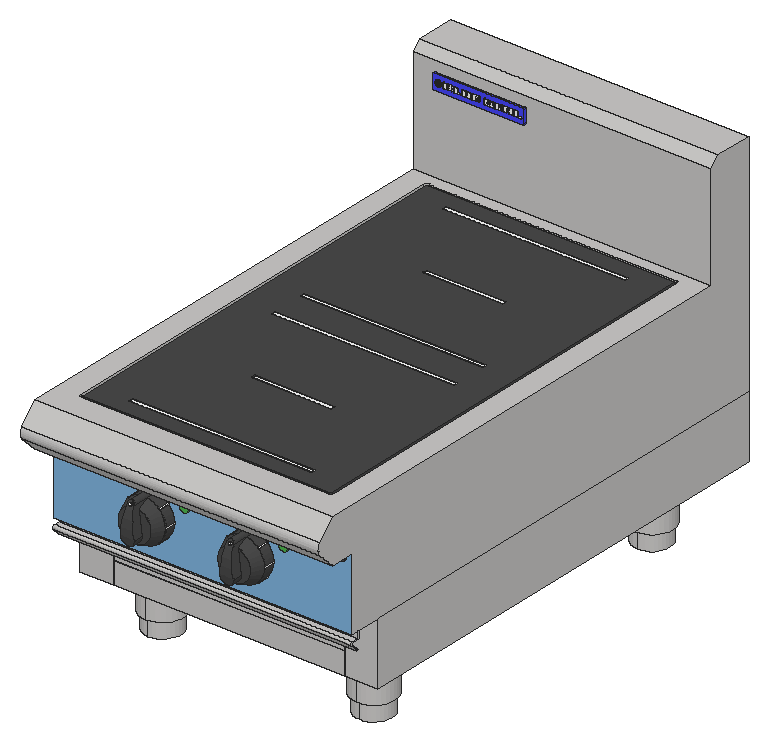
Revit family "QF_Moffat_IN512R5-B_Induction_Cooktop_cat", category Specialty Equipment, Revit 2019
Family settings
  Round Connector Dimension = Use Diameter
  Part Type = Normal
  Work Plane-Based = No
  Always vertical = Yes
  Cut with Voids When Loaded = No
  Shared = No
  Room Calculation Point = No
Parameters (values of type "IN512R5-B")
  Weight in Kilograms = 88
  Watts = 5600 W
  Volts = 400 V
  URL Cutsheet = ""
  Specification by User = ""
  Specification by Manufacturer = ""
  Show Logo [instance] = yes
  Serial Number = ""
  Seismic Rating = ""
  SMACNA No = ""
  Revision Code = ""
  Phase = 3
  Number of Poles = 1
  NAFEM Spec ID Number = ""
  Model = "IN512R5-B"
  Min Ckt Ampacity = 0 A
  Max Overcurrent Protection = 0 A
  Masterspec = ""
  Manufacturer = "Moffat"
  Length = 450 mm
  Item Number = ""
  Installed By = ""
  Identify Quantity as Lot = yes
  Height = 525 mm
  HP = ""
  Furnished By = ""
  Foodservice Equipment Identifier = yes
  FL Amps = 14 A
  Electrical Remarks = ""
  Electric Connection Type = ""
  Elec Conn RI Height = 0 mm
  Elec Conn Connection Height = 0 mm
  Description = "Induction Cooktop"
  Depth = 812.2 mm
  Cycle = 50 Hz
  Conn Plug = ""
  Conn Conduit = yes
  CSI MasterFormat = ""
  Apparent Power = if(Phase = 3, Volts * FL Amps * 1.73, Volts * FL Amps)  # 9688 VA
Reference planes
  plane 1 "BACK": y = 0
  plane 2: z = 0
  plane 3 "LEFT": x = 0
  plane 4 "RIGHT": x = 450
  plane 5 "FRONT": y = -812.2
  plane 6 "TOP": z = 525
  plane 7 "Center Y": x = 225
  plane 8 "Center X": y = -406.1
  plane 9: x = 65.5
  plane 10: x = 384.5
  plane 11: y = -30
  plane 12: x = 320
  plane 13: z = 180
  plane 14: y = -100
  plane 15: y = -625
  plane 16: z = 85
Forms (mm)
  Extrusion 1, solid, material "QF_Metal_Stainless_Polished"
    sketch origin (0, 0, 0) x (0, 1, 0) y (0, 0, 1)
      loop
        line (0, 180) -> (0, 525) -> (-57, 525) -> (-70, 512) -> (-70, 354.5) -> (-784.171, 354.5) -> (-808.685, 329.985)
        arc (-808.685, 329.985) -> (-812.2, 321.5) -> (-808.685, 313.015) r 12
        line (-808.685, 313.015) -> (-785.171, 289.5) -> (-749, 289.5) -> (-749, 180) -> (0, 180)
    from 0 to 450
  Extrusion 2, void
    sketch origin (0, -784.171, 354.5) x (0, 1, 0) y (-1, 0, 0)
      loop
        arc (696.671, -39.5) -> (694.913, -35.257) -> (690.671, -33.5) r 6
        line (690.671, -33.5) -> (44.671, -33.5)
        arc (44.671, -33.5) -> (40.428, -35.257) -> (38.671, -39.5) r 6
        line (38.671, -39.5) -> (38.671, -410.5)
        arc (38.671, -410.5) -> (40.428, -414.743) -> (44.671, -416.5) r 6
        line (44.671, -416.5) -> (690.671, -416.5)
        arc (690.671, -416.5) -> (694.913, -414.743) -> (696.671, -410.5) r 6
        line (696.671, -410.5) -> (696.671, -39.5)
    from 0 to -9.5
  Extrusion 3, solid, material "QF_Plastic_White_Smooth"
    sketch origin (0, -784.171, 345) x (0, 1, 0) y (-1, 0, 0)
      loop
        line (660.921, -362.5) -> (666.921, -362.5) -> (666.921, -87.5) -> (660.921, -87.5) -> (660.921, -362.5)
      loop
        line (532.421, -165) -> (526.421, -165) -> (526.421, -285) -> (532.421, -285) -> (532.421, -165)
      loop
        line (397.921, -87.5) -> (391.921, -87.5) -> (391.921, -362.5) -> (397.921, -362.5) -> (397.921, -87.5)
      loop
        line (337.421, -362.5) -> (343.421, -362.5) -> (343.421, -87.5) -> (337.421, -87.5) -> (337.421, -362.5)
      loop
        line (208.921, -165) -> (202.921, -165) -> (202.921, -285) -> (208.921, -285) -> (208.921, -165)
      loop
        line (74.421, -87.5) -> (68.421, -87.5) -> (68.421, -362.5) -> (74.421, -362.5) -> (74.421, -87.5)
    from 0 to 9.5
  Extrusion 4, solid, material "QF_Plastic_Black_Smooth"
    sketch origin (0, -784.171, 354.5) x (0, 1, 0) y (-1, 0, 0)
      loop
        line (692.671, -410.5) -> (692.671, -39.5)
        arc (692.671, -39.5) -> (692.085, -38.086) -> (690.671, -37.5) r 2
        line (690.671, -37.5) -> (44.671, -37.5)
        arc (44.671, -37.5) -> (43.256, -38.086) -> (42.671, -39.5) r 2
        line (42.671, -39.5) -> (42.671, -410.5)
        arc (42.671, -410.5) -> (43.256, -411.914) -> (44.671, -412.5) r 2
        line (44.671, -412.5) -> (690.671, -412.5)
        arc (690.671, -412.5) -> (692.085, -411.914) -> (692.671, -410.5) r 2
      loop
        line (666.921, -362.5) -> (666.921, -87.5) -> (660.921, -87.5) -> (660.921, -362.5) -> (666.921, -362.5)
      loop
        line (532.421, -285) -> (532.421, -165) -> (526.421, -165) -> (526.421, -285) -> (532.421, -285)
      loop
        line (397.921, -362.5) -> (397.921, -87.5) -> (391.921, -87.5) -> (391.921, -362.5) -> (397.921, -362.5)
      loop
        line (343.421, -87.5) -> (337.421, -87.5) -> (337.421, -362.5) -> (343.421, -362.5) -> (343.421, -87.5)
      loop
        line (208.921, -165) -> (202.921, -165) -> (202.921, -285) -> (208.921, -285) -> (208.921, -165)
      loop
        line (68.421, -362.5) -> (74.421, -362.5) -> (74.421, -87.5) -> (68.421, -87.5) -> (68.421, -362.5)
    from 0 to -9.5
  Extrusion 5, solid, material "QF_Metal_Stainless_Polished"
    sketch origin (0, 0, 40) x (0, 1, 0) y (0, 0, 1)
      loop
        line (-737.8, 140) -> (-737.8, 130) -> (-747.305, 130)
        arc (-747.305, 130) -> (-750.276, 128.015) -> (-749.579, 124.511) r 3.215
        line (-749.579, 124.511) -> (-739.05, 113.982) -> (-737.919, 115.113) -> (-748.447, 125.642)
        arc (-748.447, 125.642) -> (-748.797, 127.403) -> (-747.305, 128.4) r 1.615
        line (-747.305, 128.4) -> (-736.2, 128.4) -> (-736.2, 140) -> (-737.8, 140)
    from 0 to 450
  Extrusion 6, solid, material "QF_Plastic_Black_Smooth"
    sketch origin (0, -749, 181.875) x (0, 0, 1) y (-1, 0, 0)
      loop
        circle (99.343, -13.157) r 5
      loop
        circle (99.343, -436.843) r 5
      loop
        circle (99.343, -150) r 5
      loop
        circle (99.343, -300) r 5
    from 0 to 1.6
  Extrusion 7, solid, material "QF_Metal_Stainless_Polished"
    sketch origin (0, -699, 85) x (0, 1, 0) y (1, 0, 0)
      loop
        circle (669, 320) r 6.35
    from 0 to 1.6
  Extrusion 8, solid, material "QF_Metal_Stainless_Polished"
    sketch origin (0, -699, 85) x (1, 0, 0) y (0, -1, 0)
      loop
        line (0, -699) -> (450, -699) -> (450, 0) -> (399.2, 0) -> (399.2, -25.4) -> (50.8, -25.4) -> (50.8, 0) -> (0, 0) -> (0, -699)
    from 0 to -95
  Extrusion 9, solid, material "QF_Metal_Stainless_Polished"
    sketch origin (50.8, -30, 85) x (0, 1, 0) y (0, 0, 1)
      loop
        line (-669, 0) -> (-643.6, 0) -> (-643.6, 32.7) -> (-669, 32.7) -> (-669, 0)
      loop
        line (-669, 33.7) -> (-643.6, 33.7) -> (-643.6, 66.4) -> (-669, 66.4) -> (-669, 33.7)
      loop
        line (-669, 67.4) -> (-643.6, 67.4) -> (-643.6, 95) -> (-669, 95) -> (-669, 67.4)
    from 0 to 348.4
  Revolve 10, solid, material "QF_Metal_Stainless_Polished"
    sketch origin (65.5, -4572, -304.8) x (0, 0, -1) y (0, -1, 0)
      loop
        line (-304.8, -4499.5) -> (-304.8, -4472) -> (-389.8, -4472) -> (-389.8, -4503.75) -> (-329.8, -4503.75) -> (-329.8, -4499.5) -> (-304.8, -4499.5)
      axis (-389.8, -4472) -> (-304.8, -4472)
    angle from 0 to 360
  Revolve 11, solid, material "QF_Metal_Stainless_Polished"
    sketch origin (65.5, -4572, -304.8) x (0, 0, -1) y (0, -1, 0)
      loop
        line (-304.8, -3974.5) -> (-304.8, -3947) -> (-389.8, -3947) -> (-389.8, -3978.75) -> (-329.8, -3978.75) -> (-329.8, -3974.5) -> (-304.8, -3974.5)
      axis (-389.8, -3947) -> (-304.8, -3947)
    angle from 0 to 360
  Revolve 12, solid, material "QF_Metal_Stainless_Polished"
    sketch origin (384.5, -4572, -304.8) x (0, 0, -1) y (0, 1, 0)
      loop
        line (-304.8, 4499.5) -> (-329.8, 4499.5) -> (-329.8, 4503.75) -> (-389.8, 4503.75) -> (-389.8, 4472) -> (-304.8, 4472) -> (-304.8, 4499.5)
      axis (-389.8, 4472) -> (-304.8, 4472)
    angle from 0 to 360
  Revolve 13, solid, material "QF_Metal_Stainless_Polished"
    sketch origin (384.5, -4572, -304.8) x (0, 0, -1) y (0, 1, 0)
      loop
        line (-304.8, 3974.5) -> (-329.8, 3974.5) -> (-329.8, 3978.75) -> (-389.8, 3978.75) -> (-389.8, 3947) -> (-304.8, 3947) -> (-304.8, 3974.5)
      axis (-389.8, 3947) -> (-304.8, 3947)
    angle from 0 to 360
  Extrusion 14, solid, material "QF_Paint_Green"
    sketch origin (-84.269, -749, 180) x (0, 0, 1) y (-1, 0, 0)
      loop
        circle (84.8, -282.5) r 7.15
    from 0 to 1.6
  Extrusion 15, solid, material "QF_Paint_Green"
    sketch origin (65.731, -749, 180) x (0, 0, 1) y (-1, 0, 0)
      loop
        circle (84.8, -282.5) r 7.15
    from 0 to 1.6
Cuts and joins
  Extrusion 2 cuts Extrusion 1
Lines and regions (mm)
  symbolic lines
    curve 1: line (0, 0, 0) -> (450, 0, 0)
    curve 2: line (0, -812.2, 0) -> (0, 0, 0)
    curve 3: line (450, -812.2, 0) -> (0, -812.2, 0)
    curve 4: line (450, 0, 0) -> (450, -812.2, 0)
    curve 5: line (0, -784.171, 0) -> (450, -784.171, 0)
    curve 6: line (0, -57, 0) -> (450, -57, 0)
    curve 7: line (0, -70, 0) -> (450, -70, 0)
    curve 8: line (39.5, -87.5, 0) -> (410.5, -87.5, 0)
    curve 9: arc (410.5, -87.5, 0) -> (414.743, -89.257, 0) -> (416.5, -93.5, 0) r 6
    curve 10: line (416.5, -93.5, 0) -> (416.5, -739.5, 0)
    curve 11: arc (416.5, -739.5, 0) -> (414.743, -743.743, 0) -> (410.5, -745.5, 0) r 6
    curve 12: line (410.5, -745.5, 0) -> (39.5, -745.5, 0)
    curve 13: arc (39.5, -745.5, 0) -> (35.257, -743.743, 0) -> (33.5, -739.5, 0) r 6
    curve 14: line (33.5, -739.5, 0) -> (33.5, -93.5, 0)
    curve 15: arc (33.5, -93.5, 0) -> (35.257, -89.257, 0) -> (39.5, -87.5, 0) r 6
    curve 16: line (410.5, -91.5, 0) -> (39.5, -91.5, 0)
    curve 17: arc (39.5, -91.5, 0) -> (38.086, -92.086, 0) -> (37.5, -93.5, 0) r 2
    curve 18: line (37.5, -93.5, 0) -> (37.5, -739.5, 0)
    curve 19: arc (37.5, -739.5, 0) -> (38.086, -740.914, 0) -> (39.5, -741.5, 0) r 2
    curve 20: line (39.5, -741.5, 0) -> (410.5, -741.5, 0)
    curve 21: arc (410.5, -741.5, 0) -> (411.914, -740.914, 0) -> (412.5, -739.5, 0) r 2
    curve 22: line (412.5, -739.5, 0) -> (412.5, -93.5, 0)
    curve 23: arc (412.5, -93.5, 0) -> (411.914, -92.086, 0) -> (410.5, -91.5, 0) r 2
    curve 24: line (87.5, -117.25, 0) -> (362.5, -117.25, 0)
    curve 25: line (362.5, -117.25, 0) -> (362.5, -123.25, 0)
    curve 26: line (362.5, -123.25, 0) -> (87.5, -123.25, 0)
    curve 27: line (87.5, -123.25, 0) -> (87.5, -117.25, 0)
    curve 28: line (165, -251.75, 0) -> (285, -251.75, 0)
    curve 29: line (285, -251.75, 0) -> (285, -257.75, 0)
    curve 30: line (285, -257.75, 0) -> (165, -257.75, 0)
    curve 31: line (165, -257.75, 0) -> (165, -251.75, 0)
    curve 32: line (87.5, -386.25, 0) -> (362.5, -386.25, 0)
    curve 33: line (362.5, -386.25, 0) -> (362.5, -392.25, 0)
    curve 34: line (362.5, -392.25, 0) -> (87.5, -392.25, 0)
    curve 35: line (87.5, -392.25, 0) -> (87.5, -386.25, 0)
    curve 36: line (87.5, -440.75, 0) -> (362.5, -440.75, 0)
    curve 37: line (362.5, -440.75, 0) -> (362.5, -446.75, 0)
    curve 38: line (362.5, -446.75, 0) -> (87.5, -446.75, 0)
    curve 39: line (87.5, -446.75, 0) -> (87.5, -440.75, 0)
    curve 40: line (165, -575.25, 0) -> (285, -575.25, 0)
    curve 41: line (285, -575.25, 0) -> (285, -581.25, 0)
    curve 42: line (285, -581.25, 0) -> (165, -581.25, 0)
    curve 43: line (165, -581.25, 0) -> (165, -575.25, 0)
    curve 44: line (87.5, -709.75, 0) -> (362.5, -709.75, 0)
    curve 45: line (362.5, -709.75, 0) -> (362.5, -715.75, 0)
    curve 46: line (362.5, -715.75, 0) -> (87.5, -715.75, 0)
    curve 47: line (87.5, -715.75, 0) -> (87.5, -709.75, 0)
Dimensions and locks
  equal spacing: plane 3 "LEFT", plane 7 "Center Y", plane 4 "RIGHT"
  "Length": plane 3 "LEFT" to plane 4 "RIGHT"
  equal spacing: plane 5 "FRONT", plane 8 "Center X", plane 1 "BACK"
  "Depth": plane 5 "FRONT" to plane 1 "BACK"
  "Height": plane 6 "TOP" to level
  plane 9 to plane 10 = 319 mm
  plane 4 "RIGHT" to plane 3 "LEFT" = 450 mm
  plane 1 "BACK" to cut or joined group of Extrusion 1, Extrusion 2 = 70 mm
  plane 1 "BACK" to plane 5 "FRONT" = 812.2 mm
  plane 6 "TOP" to plane 2 = 525 mm
  cut or joined group of Extrusion 1, Extrusion 2 to plane 2 = 354.5 mm
  locked: plane 12 to plane 4 "RIGHT" at 130
  plane 1 "BACK" to plane 11 = 30 mm
  plane 1 "BACK" to plane 14 to plane 15 = 100 mm, 525 mm
  plane 16 to plane 2 = 85 mm
  aligned and locked: level to plane 2
Automatic sketch dimensions
  plane 1 "BACK" to curve 1 = 0 mm
  curve 1 to plane 3 "LEFT" = 0 mm
  curve 3 to plane 4 "RIGHT" = 0 mm
  plane 5 "FRONT" to curve 3 = 0 mm
  curve 3 to curve 5 = 28.029 mm
  curve 7 to plane 14 = 30 mm
  curve 7 to curve 6 = 13 mm
  Extrusion 1 sketch curve to plane 6 "TOP" = 0 mm
  Extrusion 1 sketch curve to plane 1 "BACK" = 0 mm
  plane 11 to Extrusion 1 sketch curve = 27 mm
  Extrusion 1 sketch curve to plane 6 "TOP" = 13 mm
  Extrusion 1 sketch curve to Extrusion 1 sketch curve = 13 mm
  Extrusion 1 sketch curve to plane 5 "FRONT" = 63.2 mm
  Extrusion 1 sketch curve to plane 5 "FRONT" = 28.029 mm
  Extrusion 1 sketch curve to plane 5 "FRONT" = 27.029 mm
  Extrusion 1 sketch curve to plane 5 "FRONT" = 12 mm
  Extrusion 1 sketch curve to plane 5 "FRONT" = 3.515 mm  (x2)
  Extrusion 1 sketch curve to plane 6 "TOP" = 170.5 mm
  Extrusion 1 sketch curve to Extrusion 1 sketch curve = 24.515 mm
  Extrusion 1 sketch curve to Extrusion 1 sketch curve = 8.485 mm
  Extrusion 1 sketch curve to Extrusion 1 sketch curve = 32 mm
  Extrusion 1 sketch curve to plane 13 = 0 mm
  Extrusion 2 sketch curve to Extrusion 1 = 38.671 mm
  Extrusion 2 sketch curve to Extrusion 2 sketch curve = 6 mm  (x3)
  Extrusion 1 to Extrusion 2 sketch curve = 23.5 mm  (x2)
  Extrusion 1 to Extrusion 2 sketch curve = 33.5 mm
  Extrusion 1 to Extrusion 2 sketch curve = 39.5 mm
  Extrusion 4 sketch curve to Extrusion 1 = 42.671 mm
  Extrusion 4 sketch curve to Extrusion 4 sketch curve = 2 mm  (x3)
  Extrusion 1 to Extrusion 4 sketch curve = 23.5 mm  (x2)
  Extrusion 1 to Extrusion 4 sketch curve = 37.5 mm
  Extrusion 1 to Extrusion 4 sketch curve = 39.5 mm
  Extrusion 5 sketch curve to Extrusion 5 sketch curve = 0 mm  (x2)
  plane 13 to Extrusion 5 sketch curve = 15.489 mm
  Extrusion 5 sketch curve to plane 5 "FRONT" = 62.621 mm
  plane 13 to Extrusion 5 sketch curve = 14.358 mm
  Extrusion 5 sketch curve to Extrusion 5 sketch curve = 1.131 mm
  Extrusion 5 sketch curve to Extrusion 5 sketch curve = 1.142 mm  (x2)
  plane 13 to Extrusion 5 sketch curve = 26.018 mm
  Extrusion 5 sketch curve to Extrusion 5 sketch curve = 10.529 mm
  Extrusion 5 sketch curve to Extrusion 5 sketch curve = 9.505 mm
  Extrusion 5 sketch curve to plane 13 = 0 mm
  Extrusion 5 sketch curve to Extrusion 5 sketch curve = 1.6 mm
  Extrusion 8 to Extrusion 7 sketch curve = 30 mm
  Extrusion 7 sketch curve to Extrusion 8 = 79.2 mm
  plane 1 "BACK" to Extrusion 8 sketch curve = 0 mm
  Extrusion 8 sketch curve to plane 3 "LEFT" = 0 mm
  Extrusion 8 sketch curve to plane 4 "RIGHT" = 0 mm
  plane 9 to Extrusion 8 sketch curve = 14.7 mm
  Extrusion 8 sketch curve to plane 10 = 14.7 mm
  plane 15 to Extrusion 8 sketch curve = 48.6 mm
  Extrusion 8 sketch curve to Extrusion 8 sketch curve = 25.4 mm  (x2)
  Extrusion 9 sketch curve to Extrusion 8 = 0 mm  (x8)
  Extrusion 8 to Extrusion 9 sketch curve = 32.7 mm
  Extrusion 9 sketch curve to Extrusion 9 sketch curve = 1 mm  (x2)
  Extrusion 9 sketch curve to Extrusion 9 sketch curve = 32.7 mm
  Revolve 10 sketch curve to plane 14 = 0 mm  (x2)
  Revolve 10 sketch curve to level = 0 mm  (x2)
  level to Revolve 10 sketch curve = 25 mm
  Revolve 10 sketch curve to Revolve 10 sketch curve = 60 mm
  Revolve 10 sketch curve to plane 14 = 27.5 mm
  Revolve 10 sketch curve to plane 14 = 31.75 mm
  Revolve 10 sketch curve to Revolve 10 sketch curve = 25 mm
  Revolve 11 sketch curve to plane 15 = 0 mm  (x2)
  Revolve 11 sketch curve to level = 0 mm  (x2)
  level to Revolve 11 sketch curve = 25 mm
  Revolve 11 sketch curve to Revolve 11 sketch curve = 60 mm
  Revolve 11 sketch curve to plane 15 = 27.5 mm
  Revolve 11 sketch curve to plane 15 = 31.75 mm
  Revolve 11 sketch curve to Revolve 11 sketch curve = 25 mm
  Revolve 12 sketch curve to plane 14 = 0 mm  (x2)
  Revolve 12 sketch curve to level = 0 mm  (x2)
  level to Revolve 12 sketch curve = 25 mm
  Revolve 12 sketch curve to Revolve 12 sketch curve = 60 mm
  Revolve 12 sketch curve to plane 14 = 27.5 mm
  Revolve 12 sketch curve to Revolve 12 sketch curve = 4.25 mm
  Revolve 12 sketch curve to Revolve 12 sketch curve = 25 mm
  Revolve 13 sketch curve to plane 15 = 0 mm  (x2)
  Revolve 13 sketch curve to level = 0 mm  (x2)
  level to Revolve 13 sketch curve = 25 mm
  Revolve 13 sketch curve to Revolve 13 sketch curve = 60 mm
  Revolve 13 sketch curve to plane 15 = 27.5 mm
  Revolve 13 sketch curve to Revolve 13 sketch curve = 4.25 mm
  Revolve 13 sketch curve to Revolve 13 sketch curve = 25 mm
  Extrusion 1 to Extrusion 14 sketch curve = 24.7 mm
  Extrusion 1 to Extrusion 14 sketch curve = 198.231 mm
  Extrusion 1 to Extrusion 15 sketch curve = 24.7 mm
  Extrusion 1 to Extrusion 15 sketch curve = 101.769 mm
  Extrusion 1 to Extrusion 4 sketch curve = 53.25 mm
  Extrusion 4 sketch curve to Extrusion 4 sketch curve = 6 mm  (x6)
  Extrusion 4 sketch curve to Extrusion 4 sketch curve = 48 mm  (x4)
  Extrusion 4 sketch curve to Extrusion 4 sketch curve = 134.5 mm  (x3)
  Extrusion 4 sketch curve to Extrusion 4 sketch curve = 77.5 mm  (x2)
  Extrusion 4 sketch curve to Extrusion 4 sketch curve = 120 mm  (x2)
  Extrusion 1 to Extrusion 4 sketch curve = 87.5 mm  (x2)
  Extrusion 4 sketch curve to Extrusion 4 sketch curve = 54.5 mm
  Extrusion 4 sketch curve to Extrusion 4 sketch curve = 0 mm  (x2)
  Extrusion 4 sketch curve to Extrusion 4 sketch curve = 23.75 mm
  Extrusion 3 sketch curve to Extrusion 2 = 35.75 mm  (x2)
  Extrusion 3 sketch curve to Extrusion 3 sketch curve = 6 mm  (x6)
  Extrusion 3 sketch curve to Extrusion 2 = 54 mm  (x7)
  Extrusion 3 sketch curve to Extrusion 3 sketch curve = 128.5 mm  (x3)
  Extrusion 3 sketch curve to Extrusion 2 = 131.5 mm  (x2)
  Extrusion 3 sketch curve to Extrusion 3 sketch curve = 120 mm  (x2)
  Extrusion 3 sketch curve to Extrusion 3 sketch curve = 48.5 mm
  Extrusion 3 sketch curve to Extrusion 3 sketch curve = 0 mm
  curve 14 to plane 14 = 6.5 mm
  plane 9 to curve 14 = 32 mm
  curve 14 to curve 15 = 6 mm
  curve 13 to curve 13 = 6 mm
  curve 9 to plane 14 = 6.5 mm
  curve 9 to plane 10 = 26 mm
  curve 12 to curve 10 = 6 mm
  curve 5 to curve 12 = 38.671 mm
  curve 9 to curve 23 = 0 mm  (x2)
  curve 11 to curve 21 = 0 mm  (x2)
  curve 13 to curve 19 = 0 mm  (x2)
  curve 15 to curve 17 = 0 mm
  curve 18 to curve 15 = 2 mm
  curve 27 to plane 9 = 22 mm
  plane 10 to curve 26 = 22 mm
  plane 14 to curve 25 = 23.25 mm
  curve 26 to curve 24 = 6 mm
  curve 30 to plane 7 "Center Y" = 60 mm
  plane 12 to curve 30 = 35 mm
  plane 8 "Center X" to curve 30 = 148.35 mm
  curve 30 to curve 31 = 6 mm
  curve 34 to plane 9 = 22 mm
  plane 10 to curve 33 = 22 mm
  plane 8 "Center X" to curve 34 = 13.85 mm
  curve 34 to curve 35 = 6 mm
  curve 39 to plane 9 = 22 mm
  plane 10 to curve 36 = 22 mm
  curve 39 to plane 8 "Center X" = 40.65 mm
  curve 37 to curve 37 = 6 mm
  curve 40 to plane 7 "Center Y" = 60 mm
  plane 12 to curve 42 = 35 mm
  curve 43 to plane 15 = 43.75 mm
  curve 41 to curve 40 = 6 mm
  curve 47 to plane 9 = 22 mm
  plane 10 to curve 44 = 22 mm
  curve 13 to curve 47 = 23.75 mm
  curve 45 to curve 45 = 6 mm
  Extrusion 1 to Extrusion 6 sketch curve = 8.282 mm  (x4)
  Extrusion 1 to Extrusion 6 sketch curve = 13.157 mm  (x2)
  Extrusion 6 sketch curve to Extrusion 6 sketch curve = 136.843 mm
  Extrusion 1 to Extrusion 6 sketch curve = 150 mm
  radius of Extrusion 7 sketch curve = 6.35 mm
  radius of Extrusion 14 sketch curve = 7.15 mm
  radius of Extrusion 15 sketch curve = 7.15 mm
  radius of Extrusion 6 sketch curve = 5 mm  (x4)
Nested families
  nested 1: "QF_LOGO_BLue Seal" at (32, -70, 474.385), visible <- "Show Logo", type "QF_LOGO_BLue Seal"
  nested 2: "Knob" at (117.5, -739.5, 204.5), type "Knob"
  nested 3: "Knob" at (267.5, -739.5, 204.5), type "Knob"
Connectors
  electrical at (320, -30, 83.4), driven by "Volts", driven by "Watts"
    settings: on Extrusion 7, index 1, voltage 400 V, apparent load 5600 VA, apparent load phase1 0 VA, apparent load phase2 0 VA, apparent load phase3 0 VA, power factor 1, load classification "Other", number of poles 1, system type 30, power factor state 1, is connector primary yes, connector utility no, sub classification motor no, connector description "Electrical Connection"
Definition of nested family "QF_LOGO_BLue Seal"
  Parameters (values of type "QF_LOGO_BLue Seal")
    Weight in Pounds = 0
    URL Cutsheet = ""
    Specification by User = ""
    Specification by Manufacturer = ""
    Serial Number = ""
    Seismic Rating = ""
    SMACNA No = ""
    Revision Code = ""
    NAFEM Spec ID Number = ""
    Masterspec = ""
    Length = 138 mm
    Item Number = ""
    Installed By = ""
    Identify Quantity as Lot = yes
    Height = 23 mm
    Furnished By = ""
    Foodservice Equipment Identifier = yes
    Depth = 3.175 mm
    CSI MasterFormat = ""
  Reference planes
    plane 1 "BACK": y = 0
    plane 2: z = 0
    plane 3 "LEFT": x = 0
    plane 4 "RIGHT": x = 138
    plane 5 "FRONT": y = -3.175
    plane 6 "TOP": z = 23
    plane 7 "Center Y": x = 69
    plane 8 "Center X": y = -1.587
  Forms (mm)
    Extrusion 1, solid
      sketch origin (0, 0, 0) x (1, 0, 0) y (0, 0, 1)
        loop
          arc (2, 23) -> (0.586, 22.414) -> (0, 21) r 2
          line (0, 21) -> (0, 2)
          arc (0, 2) -> (0.586, 0.586) -> (2, 0) r 2
          line (2, 0) -> (136, 0)
          arc (136, 0) -> (137.414, 0.586) -> (138, 2) r 2
          line (138, 2) -> (138, 21)
          arc (138, 21) -> (137.414, 22.414) -> (136, 23) r 2
          line (136, 23) -> (2, 23)
        loop
          arc (16.625, 15.317) -> (15.943, 15.034) -> (15.66, 14.352) r 0.965
          line (15.66, 14.352) -> (15.66, 8.169)
          arc (15.66, 8.169) -> (15.953, 7.461) -> (16.66, 7.169) r 1
          line (16.66, 7.169) -> (27.958, 7.169)
          arc (27.958, 7.169) -> (29.995, 9.206) -> (27.958, 11.243) r 2.037
          arc (27.958, 11.243) -> (29.995, 13.28) -> (27.958, 15.317) r 2.037
          line (27.958, 15.317) -> (16.625, 15.317)
        loop
          line (21.163, 13.835) -> (21.163, 12.291) -> (23.596, 12.291)
          arc (23.596, 12.291) -> (24.368, 13.063) -> (23.596, 13.835) r 0.772
          line (23.596, 13.835) -> (21.163, 13.835)
        loop
          line (21.163, 8.544) -> (23.596, 8.544)
          arc (23.596, 8.544) -> (24.368, 9.316) -> (23.596, 10.089) r 0.772
          line (23.596, 10.089) -> (21.163, 10.089) -> (21.163, 8.544)
        loop
          arc (32.475, 15.317) -> (31.768, 15.024) -> (31.475, 14.317) r 1
          line (31.475, 14.317) -> (31.475, 8.169)
          arc (31.475, 8.169) -> (31.768, 7.461) -> (32.475, 7.169) r 1
          line (32.475, 7.169) -> (41.849, 7.169)
          arc (41.849, 7.169) -> (42.859, 8.178) -> (41.849, 9.188) r 1.01
          line (41.849, 9.188) -> (37.262, 9.188) -> (37.262, 14.317)
          arc (37.262, 14.317) -> (36.969, 15.024) -> (36.262, 15.317) r 1
          line (36.262, 15.317) -> (32.475, 15.317)
        loop
          arc (44.648, 15.317) -> (43.941, 15.024) -> (43.648, 14.317) r 1
          line (43.648, 14.317) -> (43.648, 9.124)
          arc (43.648, 9.124) -> (44.221, 7.741) -> (45.604, 7.169) r 1.956
          line (45.604, 7.169) -> (55.306, 7.169)
          arc (55.306, 7.169) -> (56.749, 7.766) -> (57.347, 9.209) r 2.04
          line (57.347, 9.209) -> (57.347, 14.358)
          arc (57.347, 14.358) -> (57.066, 15.036) -> (56.388, 15.317) r 0.959
          line (56.388, 15.317) -> (52.676, 15.317)
          arc (52.676, 15.317) -> (51.968, 15.024) -> (51.676, 14.317) r 1
          line (51.676, 14.317) -> (51.676, 10.17)
          arc (51.676, 10.17) -> (50.529, 9.024) -> (49.383, 10.17) r 1.146
          line (49.383, 10.17) -> (49.383, 14.317)
          arc (49.383, 14.317) -> (49.09, 15.024) -> (48.383, 15.317) r 1
          line (48.383, 15.317) -> (44.648, 15.317)
        loop
          arc (60.035, 15.317) -> (59.328, 15.024) -> (59.035, 14.317) r 1
          line (59.035, 14.317) -> (59.035, 8.169)
          arc (59.035, 8.169) -> (59.328, 7.461) -> (60.035, 7.169) r 1
          line (60.035, 7.169) -> (69.845, 7.169)
          arc (69.845, 7.169) -> (70.828, 8.152) -> (69.845, 9.135) r 0.983
          line (69.845, 9.135) -> (65.06, 9.135) -> (65.06, 10.415) -> (69.988, 10.415)
          arc (69.988, 10.415) -> (70.828, 11.255) -> (69.988, 12.095) r 0.84
          line (69.988, 12.095) -> (65.06, 12.095) -> (65.06, 13.215) -> (69.777, 13.215)
          arc (69.777, 13.215) -> (70.828, 14.266) -> (69.777, 15.317) r 1.051
          line (69.777, 15.317) -> (60.035, 15.317)
        loop
          line (77.315, 14.317) -> (77.315, 11.634)
          arc (77.315, 11.634) -> (77.608, 10.927) -> (78.315, 10.634) r 1
          line (78.315, 10.634) -> (85.957, 10.634) -> (85.957, 8.756) -> (82.871, 8.756) -> (82.871, 9.708) -> (77.315, 9.708) -> (77.315, 8.169)
          arc (77.315, 8.169) -> (77.608, 7.461) -> (78.315, 7.169) r 1
          line (78.315, 7.169) -> (90.614, 7.169)
          arc (90.614, 7.169) -> (91.321, 7.461) -> (91.614, 8.169) r 1
          line (91.614, 8.169) -> (91.614, 11.073)
          arc (91.614, 11.073) -> (91.322, 11.778) -> (90.617, 12.07) r 0.996
          line (90.617, 12.07) -> (82.871, 12.07) -> (82.871, 13.786) -> (85.957, 13.786) -> (85.957, 12.856) -> (91.614, 12.856) -> (91.614, 14.317)
          arc (91.614, 14.317) -> (91.321, 15.024) -> (90.614, 15.317) r 1
          line (90.614, 15.317) -> (78.315, 15.317)
          arc (78.315, 15.317) -> (77.608, 15.024) -> (77.315, 14.317) r 1
        loop
          arc (107.404, 15.317) -> (106.697, 15.024) -> (106.404, 14.317) r 1
          line (106.404, 14.317) -> (106.404, 8.169)
          arc (106.404, 8.169) -> (106.697, 7.461) -> (107.404, 7.169) r 1
          line (107.404, 7.169) -> (111.34, 7.169)
          arc (111.34, 7.169) -> (112.047, 7.461) -> (112.34, 8.169) r 1
          line (112.34, 8.169) -> (112.34, 9.135) -> (115.1, 9.135) -> (115.1, 8.169)
          arc (115.1, 8.169) -> (115.393, 7.461) -> (116.1, 7.169) r 1
          line (116.1, 7.169) -> (119.975, 7.169)
          arc (119.975, 7.169) -> (120.682, 7.461) -> (120.975, 8.169) r 1
          line (120.975, 8.169) -> (120.975, 14.317)
          arc (120.975, 14.317) -> (120.682, 15.024) -> (119.975, 15.317) r 1
          line (119.975, 15.317) -> (107.404, 15.317)
        loop
          arc (94.016, 15.317) -> (93.309, 15.024) -> (93.016, 14.317) r 1
          line (93.016, 14.317) -> (93.016, 8.169)
          arc (93.016, 8.169) -> (93.309, 7.461) -> (94.016, 7.169) r 1
          line (94.016, 7.169) -> (103.826, 7.169)
          arc (103.826, 7.169) -> (104.809, 8.152) -> (103.826, 9.135) r 0.983
          line (103.826, 9.135) -> (99.041, 9.135) -> (99.041, 10.415) -> (103.969, 10.415)
          arc (103.969, 10.415) -> (104.809, 11.255) -> (103.969, 12.095) r 0.84
          line (103.969, 12.095) -> (99.041, 12.095) -> (99.041, 13.215) -> (103.759, 13.215)
          arc (103.759, 13.215) -> (104.809, 14.266) -> (103.759, 15.317) r 1.051
          line (103.759, 15.317) -> (94.016, 15.317)
        loop
          line (112.34, 11.583) -> (115.1, 11.583) -> (115.1, 12.915)
          arc (115.1, 12.915) -> (114.954, 13.268) -> (114.6, 13.415) r 0.5
          line (114.6, 13.415) -> (112.84, 13.415)
          arc (112.84, 13.415) -> (112.487, 13.268) -> (112.34, 12.915) r 0.5
          line (112.34, 12.915) -> (112.34, 11.583)
        loop
          arc (123.692, 15.317) -> (122.985, 15.024) -> (122.692, 14.317) r 1
          line (122.692, 14.317) -> (122.692, 8.169)
          arc (122.692, 8.169) -> (122.985, 7.461) -> (123.692, 7.169) r 1
          line (123.692, 7.169) -> (133.067, 7.169)
          arc (133.067, 7.169) -> (134.076, 8.178) -> (133.067, 9.188) r 1.01
          line (133.067, 9.188) -> (128.479, 9.188) -> (128.479, 14.317)
          arc (128.479, 14.317) -> (128.186, 15.024) -> (127.479, 15.317) r 1
          line (127.479, 15.317) -> (123.692, 15.317)
        loop
          circle (8.135, 11.2) r 4.581
      from 0 to 3.2
    Extrusion 2, solid
      sketch origin (0, 0, 0) x (1, 0, 0) y (0, 0, 1)
        loop
          circle (8.135, 11.2) r 4.581
        loop
          line (8.289, 15.169) -> (8.289, 7.231)
          arc (8.289, 7.231) -> (12.08, 11.2) -> (8.289, 15.169) r 3.973
        loop
          arc (16.625, 15.317) -> (15.943, 15.034) -> (15.66, 14.352) r 0.965
          line (15.66, 14.352) -> (15.66, 8.169)
          arc (15.66, 8.169) -> (15.953, 7.461) -> (16.66, 7.169) r 1
          line (16.66, 7.169) -> (27.958, 7.169)
          arc (27.958, 7.169) -> (29.995, 9.206) -> (27.958, 11.243) r 2.037
          arc (27.958, 11.243) -> (29.995, 13.28) -> (27.958, 15.317) r 2.037
          line (27.958, 15.317) -> (16.625, 15.317)
        loop
          line (21.163, 12.291) -> (23.596, 12.291)
          arc (23.596, 12.291) -> (24.368, 13.063) -> (23.596, 13.835) r 0.772
          line (23.596, 13.835) -> (21.163, 13.835) -> (21.163, 12.291)
        loop
          line (23.596, 10.089) -> (21.163, 10.089) -> (21.163, 8.544) -> (23.596, 8.544)
          arc (23.596, 8.544) -> (24.368, 9.316) -> (23.596, 10.089) r 0.772
        loop
          arc (37.262, 14.317) -> (36.969, 15.024) -> (36.262, 15.317) r 1
          line (36.262, 15.317) -> (32.475, 15.317)
          arc (32.475, 15.317) -> (31.768, 15.024) -> (31.475, 14.317) r 1
          line (31.475, 14.317) -> (31.475, 8.169)
          arc (31.475, 8.169) -> (31.768, 7.461) -> (32.475, 7.169) r 1
          line (32.475, 7.169) -> (41.849, 7.169)
          arc (41.849, 7.169) -> (42.859, 8.178) -> (41.849, 9.188) r 1.01
          line (41.849, 9.188) -> (37.262, 9.188) -> (37.262, 14.317)
        loop
          arc (43.648, 9.124) -> (44.221, 7.741) -> (45.604, 7.169) r 1.956
          line (45.604, 7.169) -> (55.306, 7.169)
          arc (55.306, 7.169) -> (56.749, 7.766) -> (57.347, 9.209) r 2.04
          line (57.347, 9.209) -> (57.347, 14.358)
          arc (57.347, 14.358) -> (57.066, 15.036) -> (56.388, 15.317) r 0.959
          line (56.388, 15.317) -> (52.676, 15.317)
          arc (52.676, 15.317) -> (51.968, 15.024) -> (51.676, 14.317) r 1
          line (51.676, 14.317) -> (51.676, 10.17)
          arc (51.676, 10.17) -> (50.529, 9.024) -> (49.383, 10.17) r 1.146
          line (49.383, 10.17) -> (49.383, 14.317)
          arc (49.383, 14.317) -> (49.09, 15.024) -> (48.383, 15.317) r 1
          line (48.383, 15.317) -> (44.648, 15.317)
          arc (44.648, 15.317) -> (43.941, 15.024) -> (43.648, 14.317) r 1
          line (43.648, 14.317) -> (43.648, 9.124)
        loop
          arc (69.777, 13.215) -> (70.828, 14.266) -> (69.777, 15.317) r 1.051
          line (69.777, 15.317) -> (60.035, 15.317)
          arc (60.035, 15.317) -> (59.328, 15.024) -> (59.035, 14.317) r 1
          line (59.035, 14.317) -> (59.035, 8.169)
          arc (59.035, 8.169) -> (59.328, 7.461) -> (60.035, 7.169) r 1
          line (60.035, 7.169) -> (69.845, 7.169)
          arc (69.845, 7.169) -> (70.828, 8.152) -> (69.845, 9.135) r 0.983
          line (69.845, 9.135) -> (65.06, 9.135) -> (65.06, 10.415) -> (69.988, 10.415)
          arc (69.988, 10.415) -> (70.828, 11.255) -> (69.988, 12.095) r 0.84
          line (69.988, 12.095) -> (65.06, 12.095) -> (65.06, 13.215) -> (69.777, 13.215)
        loop
          line (82.871, 13.786) -> (85.957, 13.786) -> (85.957, 12.856) -> (91.614, 12.856) -> (91.614, 14.317)
          arc (91.614, 14.317) -> (91.321, 15.024) -> (90.614, 15.317) r 1
          line (90.614, 15.317) -> (78.315, 15.317)
          arc (78.315, 15.317) -> (77.608, 15.024) -> (77.315, 14.317) r 1
          line (77.315, 14.317) -> (77.315, 11.634)
          arc (77.315, 11.634) -> (77.608, 10.927) -> (78.315, 10.634) r 1
          line (78.315, 10.634) -> (85.957, 10.634) -> (85.957, 8.756) -> (82.871, 8.756) -> (82.871, 9.708) -> (77.315, 9.708) -> (77.315, 8.169)
          arc (77.315, 8.169) -> (77.608, 7.461) -> (78.315, 7.169) r 1
          line (78.315, 7.169) -> (90.614, 7.169)
          arc (90.614, 7.169) -> (91.321, 7.461) -> (91.614, 8.169) r 1
          line (91.614, 8.169) -> (91.614, 11.073)
          arc (91.614, 11.073) -> (91.322, 11.778) -> (90.617, 12.07) r 0.996
          line (90.617, 12.07) -> (82.871, 12.07) -> (82.871, 13.786)
        loop
          arc (103.759, 13.215) -> (104.809, 14.266) -> (103.759, 15.317) r 1.051
          line (103.759, 15.317) -> (94.016, 15.317)
          arc (94.016, 15.317) -> (93.309, 15.024) -> (93.016, 14.317) r 1
          line (93.016, 14.317) -> (93.016, 8.169)
          arc (93.016, 8.169) -> (93.309, 7.461) -> (94.016, 7.169) r 1
          line (94.016, 7.169) -> (103.826, 7.169)
          arc (103.826, 7.169) -> (104.809, 8.152) -> (103.826, 9.135) r 0.983
          line (103.826, 9.135) -> (99.041, 9.135) -> (99.041, 10.415) -> (103.969, 10.415)
          arc (103.969, 10.415) -> (104.809, 11.255) -> (103.969, 12.095) r 0.84
          line (103.969, 12.095) -> (99.041, 12.095) -> (99.041, 13.215) -> (103.759, 13.215)
        loop
          line (112.34, 12.915) -> (112.34, 11.583) -> (115.1, 11.583) -> (115.1, 12.915)
          arc (115.1, 12.915) -> (114.954, 13.268) -> (114.6, 13.415) r 0.5
          line (114.6, 13.415) -> (112.84, 13.415)
          arc (112.84, 13.415) -> (112.487, 13.268) -> (112.34, 12.915) r 0.5
        loop
          arc (119.975, 7.169) -> (120.682, 7.461) -> (120.975, 8.169) r 1
          line (120.975, 8.169) -> (120.975, 14.317)
          arc (120.975, 14.317) -> (120.682, 15.024) -> (119.975, 15.317) r 1
          line (119.975, 15.317) -> (107.404, 15.317)
          arc (107.404, 15.317) -> (106.697, 15.024) -> (106.404, 14.317) r 1
          line (106.404, 14.317) -> (106.404, 8.169)
          arc (106.404, 8.169) -> (106.697, 7.461) -> (107.404, 7.169) r 1
          line (107.404, 7.169) -> (111.34, 7.169)
          arc (111.34, 7.169) -> (112.047, 7.461) -> (112.34, 8.169) r 1
          line (112.34, 8.169) -> (112.34, 9.135) -> (115.1, 9.135) -> (115.1, 8.169)
          arc (115.1, 8.169) -> (115.393, 7.461) -> (116.1, 7.169) r 1
          line (116.1, 7.169) -> (119.975, 7.169)
        loop
          arc (122.692, 8.169) -> (122.985, 7.461) -> (123.692, 7.169) r 1
          line (123.692, 7.169) -> (133.067, 7.169)
          arc (133.067, 7.169) -> (134.076, 8.178) -> (133.067, 9.188) r 1.01
          line (133.067, 9.188) -> (128.479, 9.188) -> (128.479, 14.317)
          arc (128.479, 14.317) -> (128.186, 15.024) -> (127.479, 15.317) r 1
          line (127.479, 15.317) -> (123.692, 15.317)
          arc (123.692, 15.317) -> (122.985, 15.024) -> (122.692, 14.317) r 1
          line (122.692, 14.317) -> (122.692, 8.169)
        loop
          line (8.019, 7.227) -> (8.019, 15.172)
          arc (8.019, 15.172) -> (4.133, 11.2) -> (8.019, 7.227) r 3.973
      from 0 to 3.2
    Extrusion 3, solid
      sketch origin (0, 0, 0) x (1, 0, 0) y (0, 0, 1)
        loop
          line (8.289, 15.169) -> (8.289, 7.231)
          arc (8.289, 7.231) -> (12.08, 11.2) -> (8.289, 15.169) r 3.973
      from 0 to 3.2
    Extrusion 4, solid
      sketch origin (16.271, 0, 0) x (-1, 0, 0) y (0, 0, -1)
        loop
          arc (8.252, -15.172) -> (12.138, -11.2) -> (8.252, -7.227) r 3.973
          line (8.252, -7.227) -> (8.252, -15.172)
      from 0 to 3.2
  Dimensions and locks
    equal spacing: plane 3 "LEFT", plane 7 "Center Y", plane 4 "RIGHT"
    "Length": plane 3 "LEFT" to plane 4 "RIGHT"
    equal spacing: plane 5 "FRONT", plane 8 "Center X", plane 1 "BACK"
    "Depth": plane 5 "FRONT" to plane 1 "BACK"
    "Height": plane 6 "TOP" to level
    plane 4 "RIGHT" to plane 3 "LEFT" = 138 mm
    aligned and locked: level to plane 2
  Automatic sketch dimensions
    Extrusion 1 sketch curve to Extrusion 1 sketch curve = 0 mm  (x12)
    Extrusion 1 sketch curve to plane 3 "LEFT" = 0 mm
    Extrusion 1 sketch curve to level = 0 mm
    Extrusion 1 sketch curve to plane 6 "TOP" = 0 mm
    plane 4 "RIGHT" to Extrusion 1 sketch curve = 0 mm
    plane 3 "LEFT" to Extrusion 1 sketch curve = 2 mm
    Extrusion 1 sketch curve to Extrusion 1 sketch curve = 2 mm
    plane 3 "LEFT" to Extrusion 1 sketch curve = 8.135 mm
    Extrusion 1 sketch curve to Extrusion 1 sketch curve = 7.524 mm
    Extrusion 1 sketch curve to Extrusion 1 sketch curve = 0.965 mm
    Extrusion 1 sketch curve to Extrusion 1 sketch curve = 1 mm  (x22)
    Extrusion 1 sketch curve to Extrusion 1 sketch curve = 4.503 mm
    Extrusion 1 sketch curve to Extrusion 1 sketch curve = 2.434 mm  (x2)
    Extrusion 1 sketch curve to Extrusion 1 sketch curve = 4.362 mm
    Extrusion 1 sketch curve to Extrusion 1 sketch curve = 3.517 mm
    Extrusion 1 sketch curve to Extrusion 1 sketch curve = 3.787 mm  (x2)
    Extrusion 1 sketch curve to Extrusion 1 sketch curve = 4.787 mm
    Extrusion 1 sketch curve to Extrusion 1 sketch curve = 4.588 mm
    Extrusion 1 sketch curve to Extrusion 1 sketch curve = 1.798 mm
    Extrusion 1 sketch curve to Extrusion 1 sketch curve = 1.956 mm  (x2)
    Extrusion 1 sketch curve to Extrusion 1 sketch curve = 3.735 mm
    Extrusion 1 sketch curve to Extrusion 1 sketch curve = 3.779 mm
    Extrusion 1 sketch curve to Extrusion 1 sketch curve = 1.146 mm
    Extrusion 1 sketch curve to Extrusion 1 sketch curve = 3.631 mm
    Extrusion 1 sketch curve to Extrusion 1 sketch curve = 3.713 mm
    Extrusion 1 sketch curve to Extrusion 1 sketch curve = 0.959 mm
    Extrusion 1 sketch curve to Extrusion 1 sketch curve = 1.688 mm
    Extrusion 1 sketch curve to plane 7 "Center Y" = 3.94 mm
    plane 7 "Center Y" to Extrusion 1 sketch curve = 0.777 mm
    plane 7 "Center Y" to Extrusion 1 sketch curve = 0.845 mm
    plane 7 "Center Y" to Extrusion 1 sketch curve = 0.988 mm
    Extrusion 1 sketch curve to Extrusion 1 sketch curve = 7.327 mm
    Extrusion 1 sketch curve to Extrusion 1 sketch curve = 4.556 mm
    Extrusion 1 sketch curve to Extrusion 1 sketch curve = 3.087 mm
    Extrusion 1 sketch curve to Extrusion 1 sketch curve = 4.657 mm  (x2)
    Extrusion 1 sketch curve to Extrusion 1 sketch curve = 0.004 mm
    Extrusion 1 sketch curve to Extrusion 1 sketch curve = 0.996 mm  (x2)
    Extrusion 1 sketch curve to Extrusion 1 sketch curve = 1.402 mm
    Extrusion 1 sketch curve to Extrusion 1 sketch curve = 5.025 mm
    Extrusion 1 sketch curve to Extrusion 1 sketch curve = 4.717 mm
    Extrusion 1 sketch curve to Extrusion 1 sketch curve = 4.785 mm
    Extrusion 1 sketch curve to Extrusion 1 sketch curve = 0.211 mm
    Extrusion 1 sketch curve to Extrusion 1 sketch curve = 2.645 mm
    Extrusion 1 sketch curve to Extrusion 1 sketch curve = 3.936 mm
    Extrusion 1 sketch curve to Extrusion 1 sketch curve = 0.5 mm  (x2)
    Extrusion 1 sketch curve to Extrusion 1 sketch curve = 1.76 mm
    Extrusion 1 sketch curve to Extrusion 1 sketch curve = 2.76 mm
    Extrusion 1 sketch curve to Extrusion 1 sketch curve = 4.875 mm
    Extrusion 1 sketch curve to Extrusion 1 sketch curve = 3.875 mm
    Extrusion 1 sketch curve to Extrusion 1 sketch curve = 1.717 mm
    plane 4 "RIGHT" to Extrusion 1 sketch curve = 4.933 mm
    plane 4 "RIGHT" to Extrusion 1 sketch curve = 2 mm  (x2)
    level to Extrusion 1 sketch curve = 7.169 mm  (x5)
    Extrusion 1 sketch curve to Extrusion 1 sketch curve = 5.169 mm
    Extrusion 1 sketch curve to Extrusion 1 sketch curve = 0.983 mm  (x2)
    Extrusion 1 sketch curve to Extrusion 1 sketch curve = 1.01 mm  (x2)
    Extrusion 1 sketch curve to Extrusion 1 sketch curve = 0.376 mm
    Extrusion 1 sketch curve to Extrusion 1 sketch curve = 0.588 mm
    Extrusion 1 sketch curve to Extrusion 1 sketch curve = 0.966 mm
    Extrusion 1 sketch curve to Extrusion 1 sketch curve = 2.037 mm  (x2)
    Extrusion 1 sketch curve to Extrusion 1 sketch curve = 0.772 mm  (x2)
    Extrusion 1 sketch curve to Extrusion 1 sketch curve = 0.952 mm
    Extrusion 1 sketch curve to Extrusion 1 sketch curve = 1.046 mm
    Extrusion 1 sketch curve to Extrusion 1 sketch curve = 1.28 mm  (x2)
    Extrusion 1 sketch curve to Extrusion 1 sketch curve = 1.878 mm
    Extrusion 1 sketch curve to Extrusion 1 sketch curve = 2.905 mm
    Extrusion 1 sketch curve to Extrusion 1 sketch curve = 3.031 mm
    Extrusion 1 sketch curve to Extrusion 1 sketch curve = 0.84 mm  (x2)
    Extrusion 1 sketch curve to Extrusion 1 sketch curve = 2.448 mm
    Extrusion 1 sketch curve to Extrusion 1 sketch curve = 2.202 mm
    Extrusion 1 sketch curve to Extrusion 1 sketch curve = 0.786 mm
    Extrusion 1 sketch curve to Extrusion 1 sketch curve = 1.332 mm
    Extrusion 1 sketch curve to Extrusion 1 sketch curve = 1.12 mm  (x2)
    Extrusion 1 sketch curve to Extrusion 1 sketch curve = 1.716 mm
    Extrusion 1 sketch curve to Extrusion 1 sketch curve = 1.051 mm  (x2)
    Extrusion 1 sketch curve to Extrusion 1 sketch curve = 4.147 mm
    Extrusion 1 sketch curve to Extrusion 1 sketch curve = 5.129 mm
    Extrusion 1 sketch curve to Extrusion 1 sketch curve = 0.051 mm
    Extrusion 1 sketch curve to Extrusion 1 sketch curve = 1.037 mm
    Extrusion 1 sketch curve to Extrusion 1 sketch curve = 0.516 mm
    plane 3 "LEFT" to Extrusion 1 sketch curve = 3.555 mm
    Extrusion 2 sketch curve to Extrusion 2 sketch curve = 0 mm  (x16)
    plane 3 "LEFT" to Extrusion 2 sketch curve = 8.019 mm
    Extrusion 2 sketch curve to Extrusion 2 sketch curve = 0.088 mm
    Extrusion 2 sketch curve to Extrusion 2 sketch curve = 0.029 mm
    Extrusion 2 sketch curve to Extrusion 2 sketch curve = 0.27 mm
    Extrusion 2 sketch curve to Extrusion 2 sketch curve = 7.371 mm
    Extrusion 2 sketch curve to Extrusion 2 sketch curve = 0.965 mm
    Extrusion 2 sketch curve to Extrusion 2 sketch curve = 1 mm  (x24)
    Extrusion 2 sketch curve to Extrusion 2 sketch curve = 4.503 mm
    Extrusion 2 sketch curve to Extrusion 2 sketch curve = 2.434 mm
    Extrusion 2 sketch curve to Extrusion 2 sketch curve = 4.362 mm
    Extrusion 2 sketch curve to Extrusion 2 sketch curve = 3.517 mm
    Extrusion 2 sketch curve to Extrusion 2 sketch curve = 3.787 mm  (x2)
    Extrusion 2 sketch curve to Extrusion 2 sketch curve = 4.787 mm  (x2)
    Extrusion 2 sketch curve to Extrusion 2 sketch curve = 4.588 mm  (x2)
    Extrusion 2 sketch curve to Extrusion 2 sketch curve = 1.798 mm
    Extrusion 2 sketch curve to Extrusion 2 sketch curve = 1.956 mm
    Extrusion 2 sketch curve to Extrusion 2 sketch curve = 3.735 mm
    Extrusion 2 sketch curve to Extrusion 2 sketch curve = 1.146 mm
    Extrusion 2 sketch curve to Extrusion 2 sketch curve = 3.631 mm
    Extrusion 2 sketch curve to Extrusion 2 sketch curve = 3.713 mm
    Extrusion 2 sketch curve to Extrusion 2 sketch curve = 0.959 mm
    Extrusion 2 sketch curve to Extrusion 2 sketch curve = 1.688 mm
    Extrusion 2 sketch curve to plane 7 "Center Y" = 3.94 mm
    plane 7 "Center Y" to Extrusion 2 sketch curve = 0.777 mm
    plane 7 "Center Y" to Extrusion 2 sketch curve = 0.845 mm
    plane 7 "Center Y" to Extrusion 2 sketch curve = 0.988 mm
    Extrusion 2 sketch curve to Extrusion 2 sketch curve = 7.327 mm
    Extrusion 2 sketch curve to Extrusion 2 sketch curve = 4.556 mm
    Extrusion 2 sketch curve to Extrusion 2 sketch curve = 3.087 mm
    Extrusion 2 sketch curve to Extrusion 2 sketch curve = 4.657 mm  (x2)
    Extrusion 2 sketch curve to Extrusion 2 sketch curve = 0.004 mm
    Extrusion 2 sketch curve to Extrusion 2 sketch curve = 0.996 mm
    Extrusion 2 sketch curve to Extrusion 2 sketch curve = 1.402 mm
    Extrusion 2 sketch curve to Extrusion 2 sketch curve = 5.025 mm
    Extrusion 2 sketch curve to Extrusion 2 sketch curve = 4.717 mm
    Extrusion 2 sketch curve to Extrusion 2 sketch curve = 4.785 mm
    Extrusion 2 sketch curve to Extrusion 2 sketch curve = 0.211 mm
    Extrusion 2 sketch curve to Extrusion 2 sketch curve = 2.578 mm
    Extrusion 2 sketch curve to Extrusion 2 sketch curve = 3.936 mm
    Extrusion 2 sketch curve to Extrusion 2 sketch curve = 0.5 mm  (x2)
    Extrusion 2 sketch curve to Extrusion 2 sketch curve = 1.76 mm
    Extrusion 2 sketch curve to Extrusion 2 sketch curve = 2.76 mm
    Extrusion 2 sketch curve to Extrusion 2 sketch curve = 3.875 mm
    Extrusion 2 sketch curve to Extrusion 2 sketch curve = 4.875 mm
    Extrusion 2 sketch curve to Extrusion 2 sketch curve = 1.717 mm
    level to Extrusion 2 sketch curve = 7.169 mm  (x6)
    level to Extrusion 2 sketch curve = 7.227 mm
    Extrusion 2 sketch curve to Extrusion 2 sketch curve = 0.003 mm
    Extrusion 2 sketch curve to Extrusion 2 sketch curve = 0.983 mm  (x2)
    Extrusion 2 sketch curve to Extrusion 2 sketch curve = 1.01 mm  (x2)
    Extrusion 2 sketch curve to Extrusion 2 sketch curve = 1.376 mm
    Extrusion 2 sketch curve to Extrusion 2 sketch curve = 0.588 mm
    Extrusion 2 sketch curve to Extrusion 2 sketch curve = 0.966 mm
    Extrusion 2 sketch curve to Extrusion 2 sketch curve = 2.037 mm  (x2)
    Extrusion 2 sketch curve to Extrusion 2 sketch curve = 0.772 mm  (x2)
    Extrusion 2 sketch curve to Extrusion 2 sketch curve = 1.539 mm
    Extrusion 2 sketch curve to Extrusion 2 sketch curve = 0.961 mm
    Extrusion 2 sketch curve to Extrusion 2 sketch curve = 1.28 mm  (x2)
    Extrusion 2 sketch curve to Extrusion 2 sketch curve = 1.878 mm
    Extrusion 2 sketch curve to Extrusion 2 sketch curve = 2.905 mm
    Extrusion 2 sketch curve to Extrusion 2 sketch curve = 3.969 mm
    Extrusion 2 sketch curve to Extrusion 2 sketch curve = 0.84 mm  (x2)
    Extrusion 2 sketch curve to Extrusion 2 sketch curve = 2.448 mm
    Extrusion 2 sketch curve to Extrusion 2 sketch curve = 2.202 mm
    Extrusion 2 sketch curve to Extrusion 2 sketch curve = 2.222 mm
    Extrusion 2 sketch curve to Extrusion 2 sketch curve = 1.332 mm
    Extrusion 2 sketch curve to Extrusion 2 sketch curve = 1.12 mm  (x2)
    Extrusion 2 sketch curve to Extrusion 2 sketch curve = 0.929 mm
    Extrusion 2 sketch curve to Extrusion 2 sketch curve = 1.051 mm  (x2)
    Extrusion 2 sketch curve to Extrusion 2 sketch curve = 5.129 mm  (x2)
    Extrusion 2 sketch curve to Extrusion 2 sketch curve = 4.147 mm
    Extrusion 2 sketch curve to Extrusion 2 sketch curve = 0.516 mm
    plane 3 "LEFT" to Extrusion 2 sketch curve = 3.555 mm
    plane 3 "LEFT" to Extrusion 3 sketch curve = 8.107 mm
    Extrusion 3 sketch curve to Extrusion 3 sketch curve = 0.182 mm
    level to Extrusion 3 sketch curve = 7.231 mm
    Extrusion 3 sketch curve to Extrusion 3 sketch curve = 3.969 mm
    Extrusion 4 sketch curve to plane 3 "LEFT" = 8.107 mm
    Extrusion 4 sketch curve to Extrusion 4 sketch curve = 0.088 mm
    Extrusion 4 sketch curve to level = 7.227 mm
    Extrusion 4 sketch curve to Extrusion 4 sketch curve = 3.972 mm
Definition of nested family "Knob"
  Parameters (values of type "Knob")
    Weight in Pounds = 0
    URL Cutsheet = ""
    Specification by User = ""
    Specification by Manufacturer = ""
    Serial Number = ""
    Seismic Rating = ""
    SMACNA No = ""
    Revision Code = ""
    NAFEM Spec ID Number = ""
    Masterspec = ""
    Length = 65 mm
    Item Number = ""
    Installed By = ""
    Identify Quantity as Lot = yes
    Height = 69.5 mm
    Furnished By = ""
    Foodservice Equipment Identifier = yes
    Depth = 59 mm
    CSI MasterFormat = ""
  Reference planes
    plane 1 "BACK": y = 0
    plane 2: z = 0
    plane 3 "LEFT": x = 0
    plane 4 "RIGHT": x = 65
    plane 5 "FRONT": y = -59
    plane 6 "TOP": z = 69.5
    plane 7 "Center Y": x = 32.5
    plane 8 "Center X": y = -29.5
  Forms (mm)
    Revolve 1, solid
      sketch origin (32.5, 175.397, 1219.2) x (0, 1, 0) y (0, 0, 1)
        loop
          line (-175.397, -1186.7) -> (-219.397, -1186.7) -> (-219.397, -1211.501) -> (-202.106, -1219.2) -> (-185.397, -1219.2) -> (-185.397, -1191.7) -> (-175.397, -1191.7) -> (-175.397, -1186.7)
        axis (-219.397, -1186.7) -> (-175.397, -1186.7)
      angle from 0 to 360
    Extrusion 2, solid
      sketch origin (32.5, 175.397, 1219.2) x (0, 1, 0) y (0, 0, 1)
        loop
          line (-202.106, -1154.2) -> (-185.397, -1154.2) -> (-185.397, -1149.7) -> (-224.105, -1149.7)
          arc (-224.105, -1149.7) -> (-233.965, -1178.467) -> (-230.696, -1208.7) r 70
          line (-230.696, -1208.7) -> (-219.397, -1208.7) -> (-219.397, -1161.899) -> (-202.106, -1154.2)
      from -15 to 15
    Extrusion 3, void
      sketch origin (0, 0, 0) x (1, 0, 0) y (0, 0, 1)
        loop
          line (27.501, 64.613) -> (22.02, 20.585)
          arc (22.02, 20.585) -> (32.792, 10.488) -> (42.986, 21.169) r 10.487
          line (42.986, 21.169) -> (37.499, 64.613)
          arc (37.499, 64.613) -> (32.5, 69.5) -> (27.501, 64.613) r 5
        loop
          line (10, 72.977) -> (10, 5.625) -> (55, 5.625) -> (55, 72.977) -> (10, 72.977)
      from 6.142 to 69.687
    Extrusion 4, solid
      sketch origin (0, -34.115, -16.916) x (1, 0, 0) y (0, 0.45399, 0.891007)
        loop
          circle (32.497, 65) r 2
      from 51.525 to 53.075
    Extrusion 5, solid
      sketch origin (32.5, -10, 32.5) x (0, 0, -1) y (-1, 0, 0)
        loop
          line (-23.54, -22.408) -> (-24.106, -22.974)
          arc (-24.106, -22.974) -> (-23.547, -23.547) -> (-22.974, -24.106) r 33.3
          line (-22.974, -24.106) -> (-22.408, -23.54)
          arc (-22.408, -23.54) -> (-22.981, -22.981) -> (-23.54, -22.408) r 32.5
        loop
          arc (-0.8, -33.29) -> (0, -33.3) -> (0.8, -33.29) r 33.3
          line (0.8, -33.29) -> (0.8, -32.49)
          arc (0.8, -32.49) -> (0, -32.5) -> (-0.8, -32.49) r 32.5
          line (-0.8, -32.49) -> (-0.8, -33.29)
        loop
          arc (23.54, -22.408) -> (22.981, -22.981) -> (22.408, -23.54) r 32.5
          line (22.408, -23.54) -> (22.974, -24.106)
          arc (22.974, -24.106) -> (23.547, -23.547) -> (24.106, -22.974) r 33.3
          line (24.106, -22.974) -> (23.54, -22.408)
        loop
          arc (-23.54, 22.408) -> (-22.981, 22.981) -> (-22.408, 23.54) r 32.5
          line (-22.408, 23.54) -> (-22.974, 24.106)
          arc (-22.974, 24.106) -> (-23.547, 23.547) -> (-24.106, 22.974) r 33.3
          line (-24.106, 22.974) -> (-23.54, 22.408)
        loop
          line (-0.8, 33.29) -> (-0.8, 32.49)
          arc (-0.8, 32.49) -> (0, 32.5) -> (0.8, 32.49) r 32.5
          line (0.8, 32.49) -> (0.8, 33.29)
          arc (0.8, 33.29) -> (0, 33.3) -> (-0.8, 33.29) r 33.3
        loop
          line (32.49, -0.8) -> (33.29, -0.8)
          arc (33.29, -0.8) -> (33.3, 0) -> (33.29, 0.8) r 33.3
          line (33.29, 0.8) -> (32.49, 0.8)
          arc (32.49, 0.8) -> (32.5, 0) -> (32.49, -0.8) r 32.5
        loop
          arc (24.106, 22.974) -> (23.547, 23.547) -> (22.974, 24.106) r 33.3
          line (22.974, 24.106) -> (22.408, 23.54)
          arc (22.408, 23.54) -> (22.981, 22.981) -> (23.54, 22.408) r 32.5
          line (23.54, 22.408) -> (24.106, 22.974)
      from 0 to -16.709
  Cuts and joins
    Extrusion 3 cuts Extrusion 2
  Dimensions and locks
    equal spacing: plane 3 "LEFT", plane 7 "Center Y", plane 4 "RIGHT"
    "Length": plane 3 "LEFT" to plane 4 "RIGHT"
    equal spacing: plane 5 "FRONT", plane 8 "Center X", plane 1 "BACK"
    "Depth": plane 5 "FRONT" to plane 1 "BACK"
    "Height": plane 6 "TOP" to level
    plane 4 "RIGHT" to plane 3 "LEFT" = 65 mm
    aligned and locked: level to plane 2
  Automatic sketch dimensions
    Revolve 1 sketch curve to level = 0 mm
    Revolve 1 sketch curve to plane 1 "BACK" = 0 mm  (x2)
    plane 1 "BACK" to Revolve 1 sketch curve = 10 mm
    plane 8 "Center X" to Revolve 1 sketch curve = 2.791 mm
    Revolve 1 sketch curve to plane 8 "Center X" = 14.5 mm
    level to Revolve 1 sketch curve = 7.699 mm
    level to Revolve 1 sketch curve = 27.5 mm
    Revolve 1 sketch curve to Revolve 1 sketch curve = 5 mm
    Revolve 1 sketch curve to Revolve 1 sketch curve = 35 mm
    Revolve 1 sketch curve to Revolve 1 sketch curve = 0 mm
    Extrusion 2 sketch curve to plane 6 "TOP" = 0 mm
    Extrusion 2 sketch curve to plane 5 "FRONT" = 3.702 mm
    Extrusion 2 sketch curve to plane 5 "FRONT" = 10.293 mm
    Extrusion 2 sketch curve to Extrusion 2 sketch curve = 11.298 mm
    plane 8 "Center X" to Extrusion 2 sketch curve = 2.791 mm
    plane 1 "BACK" to Extrusion 2 sketch curve = 10 mm
    Extrusion 2 sketch curve to plane 1 "BACK" = 11 mm
    Extrusion 2 sketch curve to plane 6 "TOP" = 4.5 mm
    Extrusion 2 sketch curve to plane 6 "TOP" = 12.199 mm
    level to Extrusion 2 sketch curve = 32.962 mm
    level to Extrusion 3 sketch curve = 5.625 mm
    Extrusion 3 sketch curve to plane 7 "Center Y" = 0 mm  (x2)
    Extrusion 3 sketch curve to plane 7 "Center Y" = 4.999 mm
    Extrusion 3 sketch curve to plane 7 "Center Y" = 10.48 mm
    plane 6 "TOP" to Extrusion 3 sketch curve = 3.477 mm
    plane 3 "LEFT" to Extrusion 3 sketch curve = 10 mm
    Extrusion 3 sketch curve to plane 6 "TOP" = 4.887 mm
    Extrusion 3 sketch curve to Extrusion 3 sketch curve = 4.999 mm
    plane 7 "Center Y" to Extrusion 3 sketch curve = 10.486 mm
    level to Extrusion 3 sketch curve = 20.585 mm
    Extrusion 3 sketch curve to Extrusion 3 sketch curve = 0.387 mm
    Extrusion 3 sketch curve to Extrusion 3 sketch curve = 0.113 mm
    plane 4 "RIGHT" to Extrusion 3 sketch curve = 10 mm
    Extrusion 5 sketch curve to Revolve 1 = 32.49 mm
    Revolve 1 to Extrusion 5 sketch curve = 32.49 mm
    Extrusion 5 sketch curve to Revolve 1 = 23.54 mm  (x2)
    Revolve 1 to Extrusion 5 sketch curve = 23.54 mm  (x2)
    Extrusion 5 sketch curve to Revolve 1 = 24.106 mm  (x2)
    Revolve 1 to Extrusion 5 sketch curve = 24.106 mm  (x2)
    Revolve 1 to Extrusion 5 sketch curve = 22.408 mm  (x2)
    Extrusion 5 sketch curve to Revolve 1 = 22.408 mm  (x2)
    Revolve 1 to Extrusion 5 sketch curve = 22.974 mm  (x2)
    Extrusion 5 sketch curve to Revolve 1 = 22.974 mm  (x2)
    Extrusion 5 sketch curve to Extrusion 5 sketch curve = 1.6 mm  (x2)
    Revolve 1 to Extrusion 5 sketch curve = 0.8 mm
    Extrusion 5 sketch curve to Revolve 1 = 0.8 mm
    Extrusion 4 sketch curve to plane 7 "Center Y" = 0.003 mm
    radius of Extrusion 5 sketch curve to Revolve 1 = 0 mm  (x7)
    radius of Revolve 1 to Extrusion 5 sketch curve = 0.8 mm  (x7)
    radius of Extrusion 4 sketch curve = 2 mm
